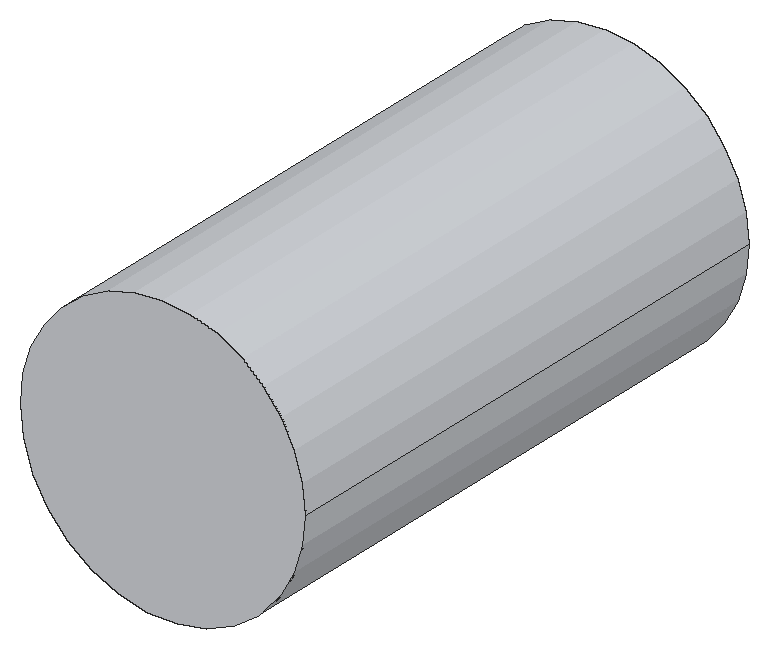
Revit family "282-35-CHLI", category Plumbing Fixtures, Revit 2014
Parameters (values of type "282-35-CHLI")
  Vent Connection = yes
  URL = "http://www.helvex.com.mx/contenido.php?producto=794"
  Type Comments = "Drains"
  To Dislodge Volume of Flow = 8.8 GPM
  Plate Diameter = 8.4"
  Model = "282-35-CHLI"
  Minimum Height = 7.23"
  Maximum Height = 7.8"
  Manufacturer = "Helvex"
  Installation Thread = "2\" - 11 ½ NPSM"
  Insert Holder = Forged Brass
  Features = "Integrated Cesspool, Double Drain Plate, 0.23\" (6 mm) to Dislodge Perimeter, Hydraulic Seal"
  Elevation Range = "2.2\" - 2.7\""
  Drain = Forged Brass
  Documentation = "http://www.helvex.com.mx/productos/fichas/282-35-CHLI.pdf"
  Description = "Bathroom Drain With Round Square And Grid Square"
  CW Connection = no
  Body = Iron, Cast
Reference planes (in)
  plane 1 "Center (Front/Back)": y = 0
  plane 2: z = 0
  plane 3 "Center (Left/Right)": x = 0
Forms (in)
  Extrusion 1, solid
    sketch origin (0, 0, -1.17897) x (1, 0, 0) y (0, 0, 1)
      loop
        circle (0, -2.83944) r 1
    from 0 to 3.8759
Dimensions and locks (in)
  aligned and locked: level to plane 2
Connectors (in)
  piping at (0, -3.8759, -4.01841), diameter 2, driven by "CW Connection"
    settings: on Extrusion 1, index 1, connector inside diameter 609.6 mm, connector length 0", flow factor 0, pipe flow 0.0 GPM, pressure drop 0.0 psi, fitting loss kfactor 0, connector angle 0.00°, fixture units 0, engagement length 0", angle of deflection 0.00°, flow configuration 2, flow direction 1, fitting loss method 0, system type 16, joint type 0, gender type 0, connector reference index -1, connector utility 0, adjustable connector no, is connector primary yes, connector description ""
